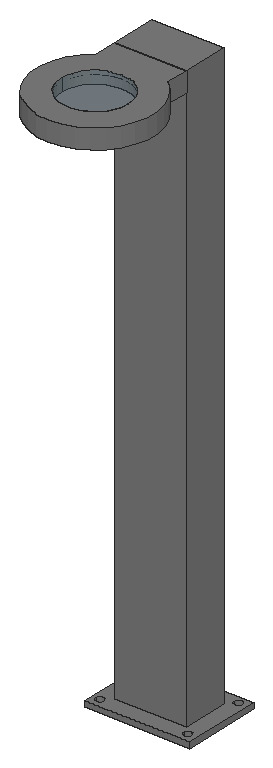
Revit family "Lighting-UrbanLighting-GEWISS-ELIA-BL-LED_POLE_700mm", category Apparecchi per illuminazione, host Superficie, Revit 2019
Family settings
  Host = Superficie
  Quota connettore circolare = Usa diametro
  Tipo di parte = Normale
  Taglio con vuoti quando caricato = No
  Sorgente d'illuminazione = Sì
  Condiviso = No
  Punto di calcolo locali = Sì
Parameters (values of type "GWF2300PR840 - ELIA BL ST AL ON/OFF 4000K 700 MM")
  larghezza lampada = Lugnezza massima - 24 mm  # 50 mm
  Wiring = "With connection terminal"
  Wattage = 9.2903 W
  Warranty = "5 years"
  Visibilità etichetta [instance] = yes
  Visibilità simbolo [instance] = yes
  Visibilità lampada in pianta [instance] = yes
  Versions = "Standard 700 mm"
  Version file RFA = "21.4"
  Variazione temperatura colore lampada con luminosità attenuata = <Nessuno>
  Unique digital code (Datamatrix) = "Currently not present"
  Unified Glare Rating = "UGR < 25"
  URL = "https://www.gewiss.com/ww/en"
  Type of light source = "LED - Not replaceable"
  Tilt- = "-"
  built-in parameter 1150107 = 3200 (stored number, unit not read)
  Technical sheet = "https://www.gewiss.com/ww/en/search?q=GWF2300PR840"
  Supply voltage = ""
  Stocking temperature = "-20° +65°"
  Standards and approvals = "-"
  Standard- = "-"
  Standard Deviation Colour Matching = "SDCM = 5"
  Spostamento_x_effettivo [instance] = 4000 mm - Spostamento_x  # 4000 mm
  Spostamento_x [instance] = 0 mm
  Spostamento_y_effettivo [instance] = 4000 mm - Spostamento_y  # 3728.036 mm
  Spostamento_y [instance] = 271.964 mm
  Shock resistance = "IK08"
  Shield type = "Polycarbonate"
  Rendi la forma visibile nel rendering = no
  Realized by GEWISS S.p.A. = ""
  Rated frequency (Hz) = "50/60 Hz"
  ROTAZIONE [instance] = 45
  Photobiological Risk Class = "RG0"
  built-in parameter 1150110 = 1 (stored number, unit not read)
  built-in parameter 1150109 = 1 (stored number, unit not read)
  built-in parameter 1114218 = 1 (stored number, unit not read)
  built-in parameter 1150112 = 1 (stored number, unit not read)
  POSIZIONE = 80000  # constant formula
  Overvoltage protection = "DM 0,5KV / CM 1KV"
  Optic and illuminating features = "-"
  Optic Maintenance = "Not available"
  Optic : = "-"
  Optic = "Wide opal"
  Operating temperature : = "-20° +45°"
  Mouting and installation = "Earth"
  built-in parameter 1150137 = (empty or 0)
  built-in parameter 1150132 = (empty or 0)
  Maximum surface exposed to the wind : = "-"
  Materials = "-"
  Lunghezza simbolo sorgente d'illuminazione = 500 mm
  Luminaire = "LED luminaire for diffuse light"
  Lugnezza massima = 74 mm
  Locking Hook = "-"
  Lifetime = "L80B50 (Tq25°C) = 50.000h"
  LED Maintenance = "Not available"
  built-in parameter 1150105 = 4614.1 (stored number, unit not read)
  built-in parameter 1150102 = (empty or 0)
  Insulation class = "I"
  Installationa and maintenance = "-"
  built-in parameter 1150106 = 46.141 (stored number, unit not read)
  Default Elevation = 1219.2 mm
  Produttore = "GEWISS S.p.A."
  Nome quadro [instance] = "330W"
  Modello = "GWF2300PR840"
  Immagine tipo = EliaBL.jpg
  IPEA = "-"
  IP degree = "IP65"
  IDT = "2f89f132-1269-468a-bfb5-5e1ea4b97a78"
  IDF = "72b3dd12-8640-468c-82a6-6aef94e46311"
  Glow Wire Test : = "750 °C"
  General information = "-"
  Gasket = "-"
  Lumens = 1380 lm
  Fixing = "Stainless steel support"
  Color Filter = 16777215
  built-in parameter 1114217 = 1 (stored number, unit not read)
  built-in parameter 1150139 = (empty or 0)
  External screw = "-"
  Emetti da diametro cerchio = 100 mm
  Eletrical and lighting features = "-"
  Electrocod = "2419"
  built-in parameter 1150104 = 13.8 (stored number, unit not read)
  EAN code = "8034035077401"
  Driver failure rate = "F025 = 50.000h Tq 25°C"
  Driver Box = "Built-in"
  Driver = "Included"
  Distanza dal host [instance] = 0 mm
  built-in parameter 1150115 = 1 (stored number, unit not read)
  built-in parameter 1150114 = 1 (stored number, unit not read)
  built-in parameter 1150113 = 1 (stored number, unit not read)
  Device with reduced surface temperature = "-"
  Descrizione = "ELIA BL ST AL ON/OFF 4000K 700 MM"
  DIN 18032-3 certification = "-"
  Control System = "Stand alone"
  Context = "Outdoor architectural lighting"
  Colour : = "-"
  Colour = "Black"
  built-in parameter 1150134 = 3
  built-in parameter 1150138 = (empty or 0)
  Color Rendering Index = "CRI>80"
  Classification: = "-"
  Catalogue = "LIGHTING"
  COBie.Tagnumber = ""
  COBie.CreatedOn = ""
  COBie.CreatebBy = ""
  COBie.ComponentRegisterItemID = ""
  COBie.Component.TagNumber = ""
  COBie.Component.Space = ""
  COBie.Component.SerialNumber = ""
  COBie.Component.InstallationDate = ""
  COBie.Component.Description = ""
  COBie.Component.BarCode = ""
  Body = "Die-cast aluminium -"
  Application = "External"
  built-in parameter 1010506 = 0.5236 (stored number, unit not read)
  Tilt Angle = 90.00°
  built-in parameter 1010507 = 1.5708 (stored number, unit not read)
  built-in parameter 1150133 = 10 (stored number, unit not read)
Types (3, lengths in mm): name | Technical sheet | Supply voltage | Modello | IDT | EAN code | Descrizione
  GWF2300PR830 - ELIA BL ST AL ON/OFF 3000K 700 MM | "https://www.gewiss.com/ww/en/search?q=GWF2300PR830" | "100-240 V" | "GWF2300PR830" | "e39851da-c821-4a00-ab9c-930fca62687a" | "8034035077548" | "ELIA BL ST AL ON/OFF 3000K 700 MM"
  GWF2300PR840 - ELIA BL ST AL ON/OFF 4000K 700 MM | "https://www.gewiss.com/ww/en/search?q=GWF2300PR840" | "" | "GWF2300PR840" | "2f89f132-1269-468a-bfb5-5e1ea4b97a78" | "8034035077401" | "ELIA BL ST AL ON/OFF 4000K 700 MM"
  GWF2300PR857 - ELIA BL ST AL ON/OFF 5700K 700 MM | "https://www.gewiss.com/ww/en/search?q=GWF2300PR857" | "" | "GWF2300PR857" | "7f7ed045-532c-42f9-9fac-2926244d0684" | "8034035077418" | "ELIA BL ST AL ON/OFF 5700K 700 MM"
Reference planes
  plane 1 "Centro (Fronte/Retro)": y = 0
  plane 2: z = 0
  plane 3 "Centro (Sinistra/Destra)": x = 0
  plane 4: x = -4000
  plane 5: x = 0
  plane 6: x = 0
  plane 7: z = 1200
  plane 8: y = -4000
  plane 9: y = -271.964
  plane 10: x = -484.286
  plane 11: y = -410.182
  plane 12: x = 484.286
  plane 13: y = 410.182
  plane 14: z = -80
  plane 15 "a": through (0, -290.182, 34.975) normal (0, -0.7071, 0.7071)
  plane 16: through (-235.047, -128.222, 1219.2) normal (-0.9563, 0.2924, 0)
  plane 17: through (-40, -89.462, 1219.2) normal (0.1564, 0.9877, 0)
  plane 18: through (239.503, 190.64, 1219.2) normal (0.9563, -0.2924, 0)
Lines and regions (mm)
  reference lines
    curve 1: line (0, 243.036, 174.371) -> (0, -271.964, 174.371)
Dimensions and locks
  plane 4 to plane 3 "Centro (Sinistra/Destra)" = 4000 mm  (x2)
  "Spostamento_x_effettivo": plane 4 to plane 5
  "Spostamento_x_effettivo": plane 6 to plane 4
  plane 7 to plane 2 = 1200 mm
  "Spostamento_y_effettivo": plane 9 to plane 8
  plane 1 "Centro (Fronte/Retro)" to plane 8 = 4000 mm
  equal spacing: plane 10, plane 3 "Centro (Sinistra/Destra)", plane 12
  equal spacing: plane 13, plane 1 "Centro (Fronte/Retro)", plane 11
  locked: level to plane 14 at 80
  plane 10 to plane 12 = 968.572 mm
  plane 13 to plane 11 = 820.364 mm
  angle plane 17 to plane 18 = 82.00°  (x2)
  angle plane 16 to plane 17 = 98.00°
  aligned and locked: plane 2 to host face
  aligned and locked: level to host face
  aligned and locked: plane 6 to nested 1
  aligned and locked: nested 1 to plane 9
  aligned and locked: plane 3 "Centro (Sinistra/Destra)" to imposter light
  aligned and locked: imposter light to nested 2  (x2)
  aligned and locked: level to nested 2
Automatic sketch dimensions
  host sketch curve to host sketch curve = 2438.4 mm  (x2)
  plane 11 to curve 1 = 138.218 mm
  level to curve 1 = 174.371 mm
  curve 1 to plane 13 = 167.146 mm
Nested families
  nested 1: "Etichetta light" at (0, -271.964, 0), visible <- "Visibilità etichetta", type "Etichetta light"
  nested 2: "ELIA BL_base" at (0, 0, -7.141), type "ELIA BL_base"
Definition of nested family "ELIA BL_base"
  Parameters (values of type "ELIA BL_base")
    vetrino = none
    h_lampada = 700 mm
    W_struttura = 55 mm
    L_struttura = 85 mm
    Finitura struttura = none
  Reference planes
    plane 1 "Centro (Fronte/Retro)": y = 0
    plane 2: z = 0
    plane 3 "Centro (Sinistra/Destra)": x = 0
    plane 4: x = -62.5
    plane 5: y = 47.5
    plane 6: x = 62.5
    plane 7: y = -47.5
    plane 8: x = -42.5
    plane 9: y = 27.5
    plane 10: x = 42.5
    plane 11: y = -27.5
    plane 12: z = 7.141
    plane 13: x = -52.451
    plane 14: y = -37.804
    plane 15: y = 37.5
    plane 16: x = 52.624
    plane 17: z = 707.141
    plane 18: y = -180.5
    plane 19: z = 683.616
    plane 20: y = -110.497
    plane 21: z = 692.13
    plane 22: z = 702.708
  Forms (mm)
    Extrusion 1, solid, material <- "Finitura struttura"
      sketch origin (0, 0, 0) x (1, 0, 0) y (0, 1, 0)
        loop
          line (-62.5, -47.5) -> (62.5, -47.5) -> (62.5, 47.5) -> (-62.5, 47.5) -> (-62.5, -47.5)
      from 0 to 7.141
    Extrusion 2, void
      sketch origin (0, 0, 0) x (1, 0, 0) y (0, 1, 0)
        loop
          circle (-52.451, 37.5) r 5
        loop
          circle (-52.451, -37.804) r 5
        loop
          circle (52.451, 37.5) r 5
        loop
          circle (52.451, -37.804) r 5
      from 0 to 7.141
    Extrusion 3, solid, material <- "Finitura struttura"
      sketch origin (0, 0, 0) x (1, 0, 0) y (0, 1, 0)
        loop
          line (-42.5, 27.5) -> (-42.5, -27.5) -> (42.5, -27.5) -> (42.5, 27.5) -> (-42.5, 27.5)
      from 0 to 707.141
    Extrusion 4, solid, material <- "Finitura struttura"
      sketch origin (0, 0, 0) x (1, 0, 0) y (0, 1, 0)
        loop
          arc (-42.5, -54.879) -> (0, -180.5) -> (42.5, -54.879) r 70
          line (42.5, -54.879) -> (42.5, -27.5) -> (-42.5, -27.5) -> (-42.5, -54.879)
      from 683.616 to 707.141
    Extrusion 5, void
      sketch origin (0, 0, 0) x (1, 0, 0) y (0, 1, 0)
        loop
          circle (0, -110.497) r 40
      from 692.13 to 707.141
    Extrusion 6, solid, material <- "vetrino"
      sketch origin (0, 0, 0) x (1, 0, 0) y (0, 1, 0)
        loop
          circle (0, -110.497) r 40
      from 702.708 to 707.141
  Cuts and joins
    Extrusion 2 cuts Extrusion 1
    joined: Extrusion 1, Extrusion 3
    Extrusion 5 cuts Extrusion 4
  Dimensions and locks
    equal spacing: plane 8, plane 3 "Centro (Sinistra/Destra)", plane 10
    "L_struttura": plane 8 to plane 10
    equal spacing: plane 9, plane 1 "Centro (Fronte/Retro)", plane 11
    "W_struttura": plane 9 to plane 11
    locked: plane 5 to plane 9 at 20
    locked: plane 11 to plane 7 at 20
    locked: plane 4 to plane 8 at 20
    locked: plane 10 to plane 6 at 20
    locked: plane 12 to plane 2 at 7.141
    locked: plane 4 to plane 13 at 10.049
    locked: plane 14 to plane 7 at 9.696
    locked: plane 5 to plane 15 at 10
    locked: plane 16 to plane 6 at 9.876
    "h_lampada": plane 17 to plane 12
    plane 9 to plane 18 = 208 mm
    locked: plane 17 to plane 19 at 23.525
    locked: plane 21 to plane 19 at 8.514
    locked: plane 17 to plane 22 at 4.432
    diameter of cut or joined group of Extrusion 4, Extrusion 5 = 140 mm
    aligned and locked: level to plane 2
    aligned and locked: Extrusion 1 sketch curve to plane 4
    aligned and locked: Extrusion 1 sketch curve to plane 5
    aligned and locked: Extrusion 1 sketch curve to plane 6
    aligned and locked: Extrusion 1 sketch curve to plane 7
    aligned and locked: plane 12 to Extrusion 1
    aligned and locked: plane 13 to Extrusion 2 sketch curve  (x2)
    aligned and locked: plane 15 to Extrusion 2 sketch curve  (x2)
    aligned and locked: plane 14 to Extrusion 2 sketch curve  (x2)
    aligned and locked: Extrusion 2 to level
    aligned and locked: Extrusion 1 to Extrusion 2
    aligned and locked: Extrusion 3 sketch curve to plane 9
    aligned and locked: Extrusion 3 sketch curve to plane 8
    aligned and locked: Extrusion 3 sketch curve to plane 11
    aligned and locked: Extrusion 3 sketch curve to plane 10
    aligned and locked: plane 17 to Extrusion 3
    aligned and locked: Extrusion 4 sketch curve to plane 11
    aligned and locked: plane 17 to Extrusion 4
    aligned and locked: plane 19 to Extrusion 4
    aligned and locked: cut or joined group of Extrusion 1, Extrusion 2, Extrusion 3 to Extrusion 5
    aligned and locked: plane 21 to Extrusion 5
    aligned and locked: plane 17 to Extrusion 6
    aligned and locked: Extrusion 6 to plane 22
  Automatic sketch dimensions
    Extrusion 2 sketch curve to plane 16 = 0.173 mm  (x2)
    Extrusion 4 sketch curve to plane 8 = 0 mm
    Extrusion 4 sketch curve to plane 10 = 0 mm
    Extrusion 5 sketch curve to plane 3 "Centro (Sinistra/Destra)" = 0 mm
    plane 20 to Extrusion 5 sketch curve = 0 mm
    Extrusion 6 sketch curve to plane 3 "Centro (Sinistra/Destra)" = 0 mm
    plane 20 to Extrusion 6 sketch curve = 0 mm
    radius of Extrusion 2 sketch curve = 5 mm  (x4)
    radius of Extrusion 5 sketch curve = 40 mm
    radius of Extrusion 6 sketch curve = 40 mm
Definition of nested family "Etichetta light"
  Parameters (values of type "ETICHETTA LIGHT")
    COMMENTI = "330W"
  Reference planes
    plane 1: y = 0
    plane 2: x = 0
  Text (mm)
    label "COMMENTI" at (-0.057, 0.105, 0), shows "COMMENTI"
